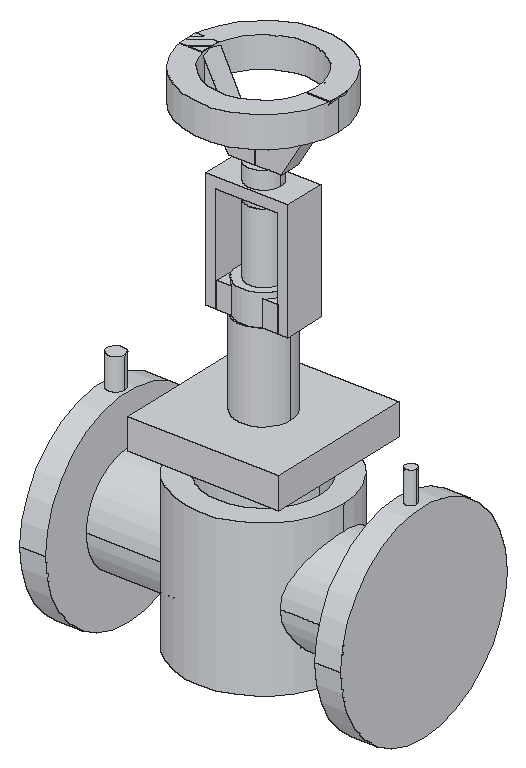
Revit family "Sigma_Compact_DN080-LF_PN16_RFA_2019", category Pipe Accessories, Revit 2019
Family settings
  Round Connector Dimension = Use Diameter
  Part Type = Valve - Breaks Into
  Work Plane-Based = No
  Always vertical = Yes
  Cut with Voids When Loaded = No
  Shared = No
Parameters (values of type "Sigma Compact DN 080 LF PN16")
  magiProductId = "c04670cd33374e61a046fccc79a79b"
  magiProductFamilyId = "111bdfd32e424cd9a1e5f1ca7ea2b6"
  magiPartTypeId = 304
  isMeasuringValve [instance] = no
  ang2D [instance] = 0.00°
  W2D = 50 mm
  VersionID = "2.0/2018.12.13.2/FRESE_SIGMA_C_BIG_Q13_001"
  Use Minimum Symbol Size [instance] = no
  URL = "www.hydronix.cz"
  Type Comments = "přírubový; PN16; max dp=800kPa; 0~+120°C; max uzavírací tlak 1MPa"
  R4 = 54.25 mm
  R3 = 52 mm
  R1 = 77.5 mm
  QmdConnectorList = "301;D;302;D"
  Productdata [instance] = ""
  Manufacturer = "Hydronix"
  Maintenance Zone Under Depth [instance] = 100 mm
  Maintenance Zone Right Depth [instance] = 100 mm
  Maintenance Zone Over Depth [instance] = 100 mm
  Maintenance Zone Left Depth [instance] = 100 mm
  Maintenance Zone Front Depth [instance] = 100 mm
  Maintenance Zone Back Depth [instance] = 100 mm
  Maintenance Zone Front Visibility [instance] = no
  MC Use Limits From Balancing Method = no
  MC Throttling Minimum Value = 0
  MC Throttling Maximum Value = 0
  MC Product Code = "53-2402 DN80; PN16; (5340-34000 l/h); kvs=68"
  MC Pressure Drop Minimum Value = 0.0 Pa
  MC Pressure Drop Maximum Value = 0.0 Pa
  MC Piping Given Pressure Drop [instance] = 0.0 Pa
  LF__ve = -LF  # -24.8 mm
  LF2 = 12.4 mm
  LF = 24.8 mm
  L432 = 25.497 mm
  L43 = 50.995 mm
  L42 = 72.85 mm
  L4 = 145.7 mm
  L3 = 260.4 mm
  L2D_Min = 30.48 mm
  L2D = 230 mm
  L2 = 155 mm
  HH12 = 16.5 mm
  HH1 = 33 mm
  HDF__ve = -HDF  # -213 mm
  HDF = 213 mm
  H6 = 85 mm
  H4 = 30 mm
  H3 = 25 mm
  H2 = 75 mm
  H11 = 150 mm
  H1 = 526 mm
  H = 413 mm
  Description = "Automatický vyvažovací ventil"
  DF2 = 100 mm
  D = 80 mm
  Clearance Zone Height Depth [instance] = 100 mm
  Clearance Zone Circular Radius [instance] = 155 mm
  Clearance Zone Visibility [instance] = no
  CAT0 = yes
Types (9, lengths in mm): name | magiProductId | Type Comments | R4 | R3 | R1 | MC Product Code | LF__ve | LF2 | LF | L432 | L43 | L42 | L4 | L3 | L2 | HH12 | HH1 | HDF__ve | HDF | H4 | H3 | H2 | H11 | H1 | H | DF2 | D | Clearance Zone Circular Radius
  Sigma Compact DN 050 LF PN16 | "7ce002c265594233b83d195dc264f1" | "přírubový; PN16; max dp=800kPa; 0~+120°C; max uzavírací tlak 1MPa" | 40.25 | 42.9 | 57.5 | "53-2400 DN50; PN16; (2480-15000 l/h); kvs=34" | -18.4 | 9.2 | 18.4 | 18.917 | 37.835 | 54.05 | 108.1 | 193.2 | 115 | 16.5 | 33 | -202 | 202 | 24.75 | 20.625 | 61.875 | 123.75 | 480 | 367 | 82.5 | 50 | 115
  Sigma Compact DN 065 LF PN16 | "7b440009bc83499eb1c9a6fd3b4fee" | "přírubový; PN16; max dp=800kPa; 0~+120°C; max uzavírací tlak 1MPa" | 50.75 | 48.1 | 72.5 | "53-2401 DN65; PN16; (4380-25000 l/h); kvs=50" | -23.2 | 11.6 | 23.2 | 23.853 | 47.705 | 68.15 | 136.3 | 243.6 | 145 | 16.5 | 33 | -199 | 199 | 27.75 | 23.125 | 69.375 | 138.75 | 497 | 384 | 92.5 | 65 | 145
  Sigma Compact DN 080 LF PN16 | "c04670cd33374e61a046fccc79a79b" | "přírubový; PN16; max dp=800kPa; 0~+120°C; max uzavírací tlak 1MPa" | 54.25 | 52 | 77.5 | "53-2402 DN80; PN16; (5340-34000 l/h); kvs=68" | -24.8 | 12.4 | 24.8 | 25.497 | 50.995 | 72.85 | 145.7 | 260.4 | 155 | 16.5 | 33 | -213 | 213 | 30 | 25 | 75 | 150 | 526 | 413 | 100 | 80 | 155
  Sigma Compact DN 100 LF PN16 | "e9669c3b3cb042d39f52f9a3f8394b" | "přírubový; PN16; max dp=800kPa; 0~+120°C; max uzavírací tlak 1MPa" | 61.25 | 61.1 | 87.5 | "53-2403 DN100; PN16; (12100-68000 l/h); kvs=115" | -28 | 14 | 28 | 28.788 | 57.575 | 82.25 | 164.5 | 294 | 175 | 34 | 68 | -331 | 331 | 35.25 | 29.375 | 88.125 | 176.25 | 714 | 566 | 117.5 | 100 | 175
  Sigma Compact DN 125 LF PN16 | "72414964175c4f3999d5daaa67221e" | "přírubový; PN16; max dp=800kPa; 0~+120°C; max uzavírací tlak 1MPa" | 70 | 70.2 | 100 | "53-2404 DN125; PN16; (18500-110000 l/h); kvs=186" | -32 | 16 | 32 | 32.9 | 65.8 | 94 | 188 | 336 | 200 | 36.5 | 73 | -338 | 338 | 40.5 | 33.75 | 101.25 | 202.5 | 761 | 608 | 135 | 125 | 200
  Sigma Compact DN 150 LF PN16 | "cb5ac98de80a46389b4a96eb8539c2" | "přírubový; PN16; max dp=800kPa; 0~+110°C; max uzavírací tlak 1MPa" | 84 | 74.1 | 120 | "53-2405 DN150; PN16; (25600-148000 l/h); kvs=250" | -38.4 | 19.2 | 38.4 | 39.48 | 78.96 | 112.8 | 225.6 | 403.2 | 240 | 13 | 26 | -391 | 391 | 42.75 | 35.625 | 106.875 | 213.75 | 782 | 676 | 142.5 | 150 | 240
  Sigma Compact DN 200 LF PN16 | "bd9983fcf82240be8b5626661ef83b" | "přírubový; PN16; max dp=800kPa; 0~+110°C; max uzavírací tlak 1MPa" | 105 | 98.8 | 150 | "53-2406 DN200; PN16; (95000-210000 l/h); kvs=371" | -48 | 24 | 48 | 49.35 | 98.7 | 141 | 282 | 504 | 300 | 29.5 | 59 | -334 | 334 | 57 | 47.5 | 142.5 | 285 | 853 | 714 | 190 | 200 | 300
  Sigma Compact DN 250 LF PN16 | "6516628c9ce0481f89e5702e575104" | "přírubový; PN16; max dp=800kPa; 0~+110°C; max uzavírací tlak 1MPa" | 127.75 | 115.44 | 182.5 | "53-2407 DN250; PN16; (190000-475000 l/h); kvs=803" | -58.4 | 29.2 | 58.4 | 60.042 | 120.085 | 171.55 | 343.1 | 613.2 | 365 | 29 | 58 | -462 | 462 | 66.6 | 55.5 | 166.5 | 333 | 1044 | 906 | 222 | 250 | 365
  Sigma Compact DN 300 LF PN16 | "f16ecb3a8ad443e99405ecd1e4779a" | "přírubový; PN16; max dp=800kPa; 0~+110°C; max uzavírací tlak 1MPa" | 148.75 | 135.2 | 212.5 | "53-2408 DN300; PN16; (190000-475000 l/h); kvs=803" | -68 | 34 | 68 | 69.912 | 139.825 | 199.75 | 399.5 | 714 | 425 | 29 | 58 | -424 | 424 | 78 | 65 | 195 | 390 | 1082 | 944 | 260 | 300 | 425
Reference planes
  plane 1 "Center (Front/Back)": y = 0
  plane 2 "XYPLANE": z = 0
  plane 3 "Center (Left/Right)": x = 0
  plane 4 "298": y = -200
  plane 5 "297": y = 200
  plane 6 "296": y = -100
  plane 7 "295": y = 100
  plane 8 "294": z = -200
  plane 9 "293": z = 526
  plane 10 "292": x = -255
  plane 11 "291": x = 255
  plane 12 "290": z = 526
  plane 13 "256": y = -20
  plane 14 "254": z = 319.5
  plane 15 "253": z = 329.5
  plane 16 "252": x = -40
  plane 17 "251": x = -30
  plane 18 "250": x = 40
  plane 19 "249": x = 30
  plane 20 "247": z = 215
  plane 21 "244": z = 313
  plane 22 "243": x = 72.85
  plane 23 "242": x = 50.995
  plane 24 "241": x = 25.497
  plane 25 "240": y = -10
  plane 26 "238": x = -25.497
  plane 27 "237": x = -50.995
  plane 28 "236": z = 346
  plane 29 "235": z = 376
  plane 30 "234": x = -72.85
  plane 31 "225": z = 426
  plane 32 "224": z = -100
  plane 33 "157": x = 142.6
  plane 34 "156": x = -142.6
  plane 35 "155": z = 100
  plane 36 "154": z = 130
  plane 37 "153": z = 100
  plane 38 "152": z = 75
  plane 39 "151": x = -130.2
  plane 40 "150": z = -75
  plane 41 "149": x = 0
  plane 42 "148": y = 0
  plane 43 "147": z = 0
  plane 44 "146": x = -155
  plane 45 "145": x = 155
Forms (mm)
  Blend 1, solid, visible <- "Maintenance Zone Front Visibility"
    base sketch origin (-750, 0, 526) x (1, 0, 0) y (0, 1, 0)
      loop
        line (495, 200) -> (495, -200) -> (1005, -200) -> (1005, 200) -> (495, 200)
    top sketch origin (-750, 0, 526) x (1, 0, 0) y (0, 1, 0)
      loop
        line (495, 200) -> (495, -200) -> (1005, -200) -> (1005, 200) -> (495, 200)
    from 0 to -726
  Blend 2, solid, visible <- "Clearance Zone Visibility"
    base sketch origin (-750, 0, 0) x (1, 0, 0) y (0, 1, 0)
      loop
        circle (750, 0) r 155
    top sketch origin (-750, 0, 0) x (1, 0, 0) y (0, 1, 0)
      loop
        circle (750, 0) r 155
    from 0 to 526
  Extrusion 3, solid
    sketch origin (-750, 0, 313) x (1, 0, 0) y (0, 1, 0)
      loop
        circle (750, 0) r 16.58
    from 0 to -213 <- "HDF__ve"
  Extrusion 4, solid
    sketch origin (-750, 0, 215) x (1, 0, 0) y (0, 1, 0)
      loop
        line (780, 20) -> (720, 20) -> (720, -20) -> (780, -20) -> (780, 20)
    from 0 to 25
  Extrusion 5, solid
    sketch origin (750, -20, 0) x (-1, 0, 0) y (0, 0, 1)
      loop
        line (790, 215) -> (790, 329.5) -> (710, 329.5) -> (710, 215) -> (720, 215) -> (720, 319.5) -> (780, 319.5) -> (780, 215) -> (790, 215)
    from 0 to 40
  Extrusion 6, solid
    sketch origin (-750, 0, 215) x (1, 0, 0) y (0, 1, 0)
      loop
        circle (750, 0) r 25
    from 0 to 30
  Extrusion 7, solid
    sketch origin (750, -10, 0) x (-1, 0, 0) y (0, 0, 1)
      loop
        line (800.995, 426) -> (775.497, 376) -> (750, 376) -> (750, 346) -> (775.497, 346) -> (822.85, 426) -> (800.995, 426)
    from 0 to 20
  Extrusion 8, solid
    sketch origin (750, -10, 0) x (-1, 0, 0) y (0, 0, 1)
      loop
        line (699.005, 426) -> (677.15, 426) -> (724.503, 346) -> (750, 346) -> (750, 376) -> (724.503, 376) -> (699.005, 426)
    from 0 to 20
  Extrusion 9, solid
    sketch origin (-750, 0, 313) x (1, 0, 0) y (0, 1, 0)
      loop
        circle (750, 0) r 16.58
    from 0 to 33 <- "HH1"
  Extrusion 10, solid
    sketch origin (-750, 0, 426) x (1, 0, 0) y (0, 1, 0)
      loop
        circle (750, 0) r 72.85
      loop
        circle (750, 0) r 50.995
    from 0 to -30
  Extrusion 11, solid, visible <- "CAT0"
    sketch origin (-750, 0, 100) x (1, 0, 0) y (0, 1, 0)
      loop
        circle (892.6, 0) r 5.5
    from 0 to 30
  Extrusion 12, solid, visible <- "CAT0"
    sketch origin (-750, 0, 100) x (1, 0, 0) y (0, 1, 0)
      loop
        circle (607.4, 0) r 8.7
    from 0 to 30
  Extrusion 13, solid, visible <- "CAT0"
    sketch origin (-750, 0, 130) x (1, 0, 0) y (0, 1, 0)
      loop
        circle (750, 0) r 26.58
    from 0 to 85 <- "H6"
  Extrusion 14, solid, visible <- "CAT0"
    sketch origin (-750, 0, 100) x (1, 0, 0) y (0, 1, 0)
      loop
        line (822.85, 72.85) -> (677.15, 72.85) -> (677.15, -72.85) -> (822.85, -72.85) -> (822.85, 72.85)
    from 0 to 30 <- "H4"
  Extrusion 15, solid, visible <- "CAT0"
    sketch origin (-750, 0, 75) x (1, 0, 0) y (0, 1, 0)
      loop
        circle (750, 0) r 54.25
    from 0 to 25 <- "H3"
  Extrusion 16, solid, visible <- "CAT0"
    sketch origin (-130.2, -750, 0) x (0, 1, 0) y (0, 0, 1)
      loop
        circle (750, 0) r 52
    from 0 to 260.4 <- "L3"
  Extrusion 17, solid, visible <- "CAT0"
    sketch origin (-750, 0, -75) x (1, 0, 0) y (0, 1, 0)
      loop
        circle (750, 0) r 77.5
    from 0 to 150 <- "H11"
  Extrusion 18, solid, visible <- "CAT0"
    sketch origin (-155, -750, 0) x (0, 1, 0) y (0, 0, 1)
      loop
        circle (750, 0) r 100
    from 0 to 24.8 <- "LF"
  Extrusion 19, solid, visible <- "CAT0"
    sketch origin (155, -750, 0) x (0, 1, 0) y (0, 0, 1)
      loop
        circle (750, 0) r 100
    from 0 to -24.8 <- "LF__ve"
  Extrusion 20, solid, not visible
    sketch origin (-155, -750, 0) x (0, 1, 0) y (0, 0, 1)
      loop
        circle (750, 0) r 10
    from 0 to 10
  Extrusion 21, solid, not visible
    sketch origin (155, -750, 0) x (0, 1, 0) y (0, 0, 1)
      loop
        circle (750, 0) r 10
    from 0 to -10
Lines and regions (mm)
  reference lines, not visible
    curve 1: circle (2, 2, 0) r 1 normal (0, 0, 1)
  reference lines
    curve 2: circle (0, 0, 100) r 1 normal (0, 0, 1)
Dimensions and locks
  plane 1 "Center (Front/Back)" to curve 1 = 2 mm
  "Maintenance Zone Front Depth": plane 6 "296" to plane 4 "298"
  "Maintenance Zone Back Depth": plane 7 "295" to plane 5 "297"
  "DF2": plane 42 "148" to plane 6 "296"
  "DF2": plane 42 "148" to plane 7 "295"
  "Maintenance Zone Under Depth": plane 32 "224" to plane 8 "294"
  "Maintenance Zone Over Depth": plane 31 "225" to plane 9 "293"
  "Maintenance Zone Left Depth": plane 44 "146" to plane 10 "292"
  "Maintenance Zone Right Depth": plane 45 "145" to plane 11 "291"
  "Clearance Zone Height Depth": plane 31 "225" to plane 12 "290"
  locked: plane 25 "240" to plane 13 "256" at 10
  locked: plane 15 "253" to plane 14 "254" at 10
  "HH12": plane 21 "244" to plane 15 "253"
  locked: plane 17 "251" to plane 16 "252" at 10
  locked: plane 41 "149" to plane 17 "251" at 30
  locked: plane 19 "249" to plane 18 "250" at 10
  locked: plane 41 "149" to plane 19 "249" at 30
  "H6": plane 36 "154" to plane 20 "247"
  "H": plane 32 "224" to plane 21 "244"
  "L42": plane 41 "149" to plane 22 "243"
  "L43": plane 41 "149" to plane 23 "242"
  "L432": plane 41 "149" to plane 24 "241"
  locked: plane 42 "148" to plane 25 "240" at 10
  "L432": plane 41 "149" to plane 26 "238"
  "L43": plane 41 "149" to plane 27 "237"
  locked: plane 29 "235" to plane 28 "236" at 30
  locked: plane 31 "225" to plane 29 "235" at 50
  "L42": plane 41 "149" to plane 30 "234"
  "H1": plane 32 "224" to plane 31 "225"
  "DF2": plane 2 "XYPLANE" to plane 32 "224"
  "LF2": plane 45 "145" to plane 33 "157"
  "LF2": plane 44 "146" to plane 34 "156"
  "DF2": plane 2 "XYPLANE" to plane 35 "155"
  "H4": plane 37 "153" to plane 36 "154"
  "H3": plane 38 "152" to plane 37 "153"
  "H11": plane 40 "150" to plane 38 "152"
  "LF": plane 44 "146" to plane 39 "151"
  "H2": plane 2 "XYPLANE" to plane 40 "150"
  locked: plane 3 "Center (Left/Right)" to plane 41 "149"
  locked: plane 1 "Center (Front/Back)" to plane 42 "148"
  locked: plane 2 "XYPLANE" to plane 43 "147"
  "L2": plane 3 "Center (Left/Right)" to plane 44 "146"
  "L2": plane 3 "Center (Left/Right)" to plane 45 "145"
  Blend 1 sketch curve to Blend 1 sketch curve = 0 mm  (x16)
  Extrusion 4 sketch curve to Extrusion 4 sketch curve = 0 mm  (x8)
  Extrusion 5 sketch curve to Extrusion 5 sketch curve = 0 mm  (x16)
  Extrusion 7 sketch curve to Extrusion 7 sketch curve = 0 mm  (x12)
  Extrusion 8 sketch curve to Extrusion 8 sketch curve = 0 mm  (x12)
  equal spacing: Extrusion 14 sketch curve, curve 2, Extrusion 14 sketch curve  (x2)
  "L4": Extrusion 14 sketch curve to Extrusion 14 sketch curve  (x2)
  Extrusion 14 sketch curve to Extrusion 14 sketch curve = 0 mm  (x8)
  "Clearance Zone Circular Radius": radius of Blend 2 sketch curve  (x2)
  "L42": radius of Extrusion 10 sketch curve
  "L43": radius of Extrusion 10 sketch curve
  "R4": radius of Extrusion 15 sketch curve
  "R3": radius of Extrusion 16 sketch curve
  "R1": radius of Extrusion 17 sketch curve
  "DF2": radius of Extrusion 18 sketch curve
  "DF2": radius of Extrusion 19 sketch curve
  aligned and locked: level to plane 2 "XYPLANE"
  aligned and locked: Blend 1 sketch curve to plane 5 "297"  (x2)
  aligned and locked: plane 10 "292" to Blend 1 sketch curve  (x4)
  aligned and locked: plane 11 "291" to Blend 1 sketch curve  (x4)
  aligned and locked: plane 5 "297" to Blend 1 sketch curve  (x2)
  aligned and locked: plane 4 "298" to Blend 1 sketch curve  (x4)
  aligned and locked: Blend 1 to plane 8 "294"
  aligned and locked: plane 41 "149" to Blend 2 sketch curve  (x2)
  aligned and locked: plane 42 "148" to Blend 2 sketch curve  (x2)
  aligned and locked: plane 12 "290" to Blend 2
  aligned and locked: plane 41 "149" to Extrusion 3 sketch curve
  aligned and locked: plane 42 "148" to Extrusion 3 sketch curve
  aligned and locked: Extrusion 5 sketch curve to plane 16 "252"
  aligned and locked: plane 20 "247" to Extrusion 5 sketch curve  (x4)
  aligned and locked: plane 15 "253" to Extrusion 5 sketch curve  (x2)
  aligned and locked: plane 16 "252" to Extrusion 5 sketch curve
  aligned and locked: plane 18 "250" to Extrusion 5 sketch curve  (x2)
  aligned and locked: plane 19 "249" to Extrusion 5 sketch curve  (x2)
  aligned and locked: plane 14 "254" to Extrusion 5 sketch curve  (x2)
  aligned and locked: plane 17 "251" to Extrusion 5 sketch curve  (x2)
  aligned and locked: plane 41 "149" to Extrusion 6 sketch curve
  aligned and locked: plane 42 "148" to Extrusion 6 sketch curve
  aligned and locked: plane 27 "237" to Extrusion 7 sketch curve
  aligned and locked: plane 31 "225" to Extrusion 7 sketch curve  (x2)
  aligned and locked: plane 26 "238" to Extrusion 7 sketch curve  (x2)
  aligned and locked: plane 29 "235" to Extrusion 7 sketch curve  (x2)
  aligned and locked: plane 41 "149" to Extrusion 7 sketch curve  (x2)
  aligned and locked: plane 28 "236" to Extrusion 7 sketch curve  (x2)
  aligned and locked: plane 30 "234" to Extrusion 7 sketch curve
  aligned and locked: plane 23 "242" to Extrusion 8 sketch curve
  aligned and locked: plane 31 "225" to Extrusion 8 sketch curve  (x2)
  aligned and locked: plane 24 "241" to Extrusion 8 sketch curve  (x2)
  aligned and locked: plane 29 "235" to Extrusion 8 sketch curve  (x2)
  aligned and locked: plane 41 "149" to Extrusion 8 sketch curve  (x2)
  aligned and locked: plane 28 "236" to Extrusion 8 sketch curve  (x2)
  aligned and locked: plane 22 "243" to Extrusion 8 sketch curve
  aligned and locked: plane 41 "149" to Extrusion 9 sketch curve
  aligned and locked: plane 42 "148" to Extrusion 9 sketch curve
  aligned and locked: plane 41 "149" to Extrusion 10 sketch curve  (x2)
  aligned and locked: plane 42 "148" to Extrusion 10 sketch curve  (x2)
  aligned and locked: plane 33 "157" to Extrusion 11 sketch curve
  aligned and locked: plane 42 "148" to Extrusion 11 sketch curve
  aligned and locked: plane 34 "156" to Extrusion 12 sketch curve
  aligned and locked: plane 42 "148" to Extrusion 12 sketch curve
  aligned and locked: plane 41 "149" to Extrusion 13 sketch curve
  aligned and locked: plane 42 "148" to Extrusion 13 sketch curve
  aligned and locked: plane 41 "149" to curve 2
  aligned and locked: plane 42 "148" to curve 2
  aligned and locked: plane 41 "149" to Extrusion 15 sketch curve
  aligned and locked: plane 42 "148" to Extrusion 15 sketch curve
  aligned and locked: Extrusion 16 sketch curve to plane 42 "148"
  aligned and locked: plane 43 "147" to Extrusion 16 sketch curve
  aligned and locked: plane 41 "149" to Extrusion 17 sketch curve
  aligned and locked: plane 42 "148" to Extrusion 17 sketch curve
  aligned and locked: Extrusion 18 sketch curve to plane 42 "148"
  aligned and locked: plane 43 "147" to Extrusion 18 sketch curve
  aligned and locked: Extrusion 19 sketch curve to plane 42 "148"
  aligned and locked: plane 43 "147" to Extrusion 19 sketch curve
  aligned and locked: Extrusion 20 sketch curve to plane 42 "148"
  aligned and locked: plane 43 "147" to Extrusion 20 sketch curve
  aligned and locked: Extrusion 21 sketch curve to plane 42 "148"
  aligned and locked: plane 43 "147" to Extrusion 21 sketch curve
Automatic sketch dimensions
  plane 26 "238" to Extrusion 3 sketch curve = 8.917 mm
  Extrusion 4 sketch curve to plane 17 "251" = 0 mm
  Extrusion 4 sketch curve to plane 13 "256" = 0 mm
  Extrusion 4 sketch curve to plane 19 "249" = 0 mm
  Extrusion 4 sketch curve to plane 1 "Center (Front/Back)" = 20 mm
  plane 17 "251" to Extrusion 6 sketch curve = 5 mm
  plane 26 "238" to Extrusion 9 sketch curve = 8.917 mm
  Extrusion 11 sketch curve to plane 33 "157" = 5.5 mm
  plane 44 "146" to Extrusion 12 sketch curve = 3.7 mm
  Extrusion 13 sketch curve to plane 26 "238" = 1.083 mm
  Extrusion 20 sketch curve to plane 25 "240" = 0 mm
  Extrusion 21 sketch curve to plane 25 "240" = 0 mm
  plane 3 "Center (Left/Right)" to curve 1 = 2 mm
  Extrusion 14 sketch curve to plane 30 "234" = 0 mm
  plane 6 "296" to Extrusion 14 sketch curve = 27.15 mm
  radius of curve 2 = 1 mm
  radius of curve 1 = 1 mm
Connectors
  piping at (-155, 0, 0), diameter 80, driven by "D"
    settings: on Extrusion 20, index 1, connector inside diameter 609.6 mm, connector length 0 mm, flow factor 0, pipe flow 0.0 L/s, pressure drop 0.0 Pa, fitting loss kfactor 0, connector angle 0.00°, fixture units 0, engagement length 0 mm, angle of deflection 0.00°, flow configuration 0, flow direction 0, fitting loss method 0, system type 29, joint type 0, gender type 0, connector reference index 2, connector utility 0, adjustable connector no, is connector primary yes, connector description ""
  piping at (155, 0, 0), diameter 80, driven by "D"
    settings: on Extrusion 21, index 2, connector inside diameter 609.6 mm, connector length 0 mm, flow factor 0, pipe flow 0.0 L/s, pressure drop 0.0 Pa, fitting loss kfactor 0, connector angle 0.00°, fixture units 0, engagement length 0 mm, angle of deflection 0.00°, flow configuration 0, flow direction 0, fitting loss method 0, system type 29, joint type 0, gender type 0, connector reference index 1, connector utility 0, adjustable connector no, is connector primary no, connector description ""
